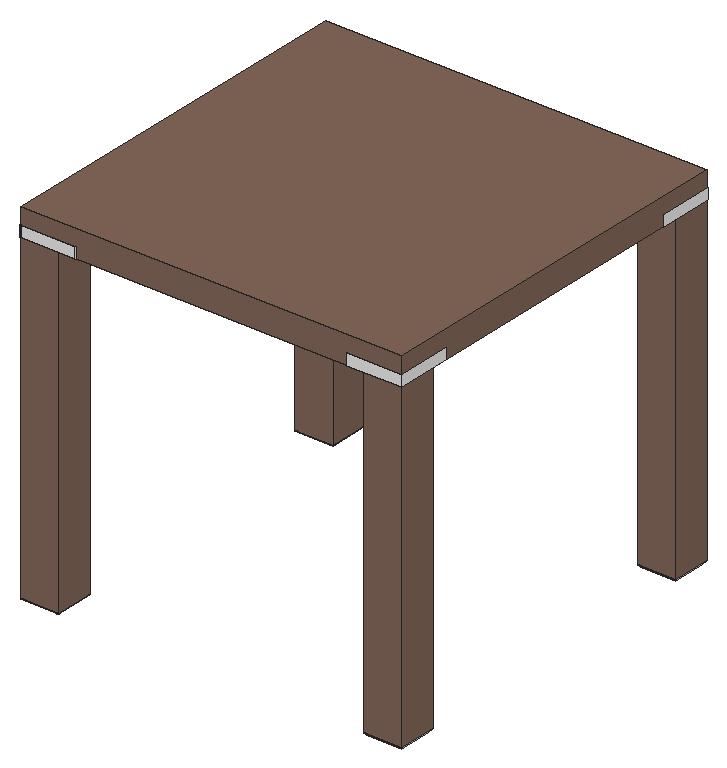
Revit family
Parameters (values of type "700x700x650mm")
  Manufacturer = ""
  Model = ""
  폭 = 700 mm
  상단 면 재료 = 목재 - 사펠리, 폭, 약함
  지지 재료 = 금속 - 크롬(2)
  점 재료 = 금속 - 크롬(2)
  다리 재료 = 목재 - 사펠리, 길이, 약함
  높이 = 650 mm
  깊이 = 700 mm
Types (4, lengths in mm): name | 폭 | 높이 | 깊이
  (no name) | 700 | 650 | 700
  500x500x580mm | 500 | 580 | 500
  700x700x650mm | 700 | 650 | 700
  600x600x600mm | 600 | 600 | 600
Reference planes
  plane 1 "중심(앞/뒤)": y = 0
  plane 2: z = 0
  plane 3 "중심(왼쪽/오른쪽)": x = 0
  plane 4: y = 350
  plane 5: y = -350
  plane 6: x = -350
  plane 7: x = 350
  plane 8: y = 280
  plane 9: y = -280
  plane 10: x = -280
  plane 11: x = 280
  plane 12: z = 650
  plane 13: z = 600
  plane 14: z = 5
  plane 15: z = 620
Forms (mm)
  Extrusion 1, solid, material "목재 - 사펠리, 폭, 약함" <- "상단 면 재료"
    sketch origin (0, 0, 0) x (1, 0, 0) y (0, 1, 0)
      loop
        line (-350, 350) -> (-350, -350) -> (350, -350) -> (350, 350) -> (-350, 350)
    from 600 to 650
  Extrusion 2, solid, material "금속 - 크롬(2)" <- "점 재료"
    sketch origin (0, 0, 0) x (1, 0, 0) y (0, 1, 0)
      loop
        line (-351, 250) -> (-350, 250) -> (-350, 350) -> (-250, 350) -> (-250, 351) -> (-351, 351) -> (-351, 250)
      loop
        line (351, 250) -> (351, 351) -> (250, 351) -> (250, 350) -> (350, 350) -> (350, 250) -> (351, 250)
    from 600 to 620
  Blend 3, solid, material "금속 - 크롬(2)" <- "지지 재료"
    base sketch origin (0, 0, 0) x (1, 0, 0) y (0, 1, 0)
      loop
        line (-345, 345) -> (-345, 285) -> (-285, 285) -> (-285, 345) -> (-345, 345)
    top sketch origin (0, 0, 0) x (1, 0, 0) y (0, 1, 0)
      loop
        line (-350, 350) -> (-350, 280) -> (-280, 280) -> (-280, 350) -> (-350, 350)
    from 0 to 5
  Blend 4, solid, material "금속 - 크롬(2)" <- "지지 재료"
    base sketch origin (0, 0, 0) x (-1, 0, 0) y (0, -1, 0)
      loop
        line (-345, -345) -> (-285, -345) -> (-285, -285) -> (-345, -285) -> (-345, -345)
    top sketch origin (0, 0, 0) x (-1, 0, 0) y (0, -1, 0)
      loop
        line (-350, -350) -> (-280, -350) -> (-280, -280) -> (-350, -280) -> (-350, -350)
    from 0 to 5
  Blend 5, solid, material "금속 - 크롬(2)" <- "지지 재료"
    base sketch origin (0, 0, 0) x (1, 0, 0) y (0, 1, 0)
      loop
        line (-345, -345) -> (-285, -345) -> (-285, -285) -> (-345, -285) -> (-345, -345)
    top sketch origin (0, 0, 0) x (1, 0, 0) y (0, 1, 0)
      loop
        line (-350, -350) -> (-280, -350) -> (-280, -280) -> (-350, -280) -> (-350, -350)
    from 0 to 5
  Blend 6, solid, material "금속 - 크롬(2)" <- "지지 재료"
    base sketch origin (0, 0, 0) x (-1, 0, 0) y (0, -1, 0)
      loop
        line (-345, 345) -> (-345, 285) -> (-285, 285) -> (-285, 345) -> (-345, 345)
    top sketch origin (0, 0, 0) x (-1, 0, 0) y (0, -1, 0)
      loop
        line (-350, 350) -> (-350, 280) -> (-280, 280) -> (-280, 350) -> (-350, 350)
    from 0 to 5
  Extrusion 7, solid, material "금속 - 크롬(2)" <- "점 재료"
    sketch origin (0, 0, 0) x (1, 0, 0) y (0, 1, 0)
      loop
        line (-351, -250) -> (-351, -351) -> (-250, -351) -> (-250, -350) -> (-350, -350) -> (-350, -250) -> (-351, -250)
      loop
        line (351, -250) -> (350, -250) -> (350, -350) -> (250, -350) -> (250, -351) -> (351, -351) -> (351, -250)
    from 600 to 620
  Extrusion 8, solid, material "목재 - 사펠리, 길이, 약함" <- "다리 재료"
    sketch origin (0, 0, 0) x (1, 0, 0) y (0, 0, 1)
      loop
        line (-351, 600) -> (-351, 5) -> (-280, 5) -> (-280, 600) -> (-351, 600)
      loop
        line (280, 600) -> (280, 5) -> (350, 5) -> (350, 600) -> (280, 600)
    from 280 to 350
  Extrusion 9, solid, material "목재 - 사펠리, 길이, 약함" <- "다리 재료"
    sketch origin (0, 0, 0) x (1, 0, 0) y (0, 0, 1)
      loop
        line (-350, 5) -> (-280, 5) -> (-280, 600) -> (-350, 600) -> (-350, 5)
      loop
        line (350, 5) -> (350, 600) -> (280, 600) -> (280, 5) -> (350, 5)
    from -350 to -280
Dimensions and locks
  equal spacing: plane 6, plane 3 "중심(왼쪽/오른쪽)", plane 7
  "폭": plane 6 to plane 7
  equal spacing: plane 5, plane 1 "중심(앞/뒤)", plane 4
  "깊이": plane 5 to plane 4
  "높이": plane 12 to level
  locked: plane 6 to plane 10 at 70
  locked: plane 11 to plane 7 at 70
  locked: plane 8 to plane 4 at 70
  locked: plane 5 to plane 9 at 70
  locked: plane 12 to plane 15 at 30
  locked: plane 15 to plane 13 at 20
  locked: plane 14 to level at 5
  aligned and locked: Extrusion 1 to plane 12
  aligned and locked: plane 13 to Extrusion 1
  aligned and locked: Blend 3 to plane 14
  aligned and locked: Extrusion 2 to Extrusion 1
  aligned and locked: plane 6 to Extrusion 1
  aligned and locked: plane 5 to Extrusion 1
  aligned and locked: plane 14 to Blend 5
  aligned and locked: plane 14 to Blend 6
  aligned and locked: Extrusion 7 to plane 13
  aligned and locked: Extrusion 7 to plane 15
  aligned and locked: Extrusion 2 to plane 13
  aligned and locked: Extrusion 2 to plane 15
  aligned and locked: Extrusion 8 sketch curve to Extrusion 2  (x2)
  aligned and locked: Blend 3 to Extrusion 8 sketch curve
  aligned and locked: Extrusion 8 sketch curve to Blend 3
  aligned and locked: plane 11 to Extrusion 8 sketch curve
  aligned and locked: plane 13 to Extrusion 8 sketch curve
  aligned and locked: Blend 4 to Extrusion 8 sketch curve
  aligned and locked: Extrusion 8 sketch curve to Blend 4
  aligned and locked: plane 5 to Extrusion 8
  aligned and locked: Extrusion 8 to plane 9
  aligned and locked: Blend 3 to Extrusion 9 sketch curve
  aligned and locked: Extrusion 9 sketch curve to Blend 3
  aligned and locked: plane 13 to Extrusion 9 sketch curve  (x2)
  aligned and locked: Extrusion 9 sketch curve to plane 10
  aligned and locked: Extrusion 9 sketch curve to Blend 4  (x2)
  aligned and locked: Extrusion 9 sketch curve to plane 11
  aligned and locked: Extrusion 9 to plane 4
  aligned and locked: plane 8 to Extrusion 9
Automatic sketch dimensions
  Extrusion 1 sketch curve to plane 5 = 0 mm
  Extrusion 1 sketch curve to plane 6 = 0 mm
  Extrusion 1 sketch curve to plane 7 = 0 mm
  Extrusion 1 sketch curve to plane 4 = 0 mm
  Blend 3 sketch curve to plane 6 = 5 mm
  plane 10 to Blend 3 sketch curve = 5 mm
  Blend 3 sketch curve to plane 8 = 5 mm
  plane 4 to Blend 3 sketch curve = 5 mm
  Blend 3 sketch curve to plane 6 = 0 mm
  Blend 3 sketch curve to plane 8 = 0 mm
  Blend 3 sketch curve to plane 10 = 0 mm
  Blend 3 sketch curve to plane 4 = 0 mm
  plane 7 to Blend 4 sketch curve = 5 mm
  Blend 4 sketch curve to plane 11 = 5 mm
  plane 4 to Blend 4 sketch curve = 5 mm
  Blend 4 sketch curve to plane 8 = 5 mm
  Blend 4 sketch curve to plane 7 = 0 mm
  Blend 4 sketch curve to plane 8 = 0 mm
  Blend 4 sketch curve to plane 11 = 0 mm
  Blend 4 sketch curve to plane 4 = 0 mm
  Blend 5 sketch curve to plane 6 = 5 mm
  plane 10 to Blend 5 sketch curve = 5 mm
  Blend 5 sketch curve to plane 5 = 5 mm
  plane 9 to Blend 5 sketch curve = 5 mm
  Blend 5 sketch curve to plane 6 = 0 mm
  Blend 5 sketch curve to plane 9 = 0 mm
  Blend 5 sketch curve to plane 10 = 0 mm
  Blend 5 sketch curve to plane 5 = 0 mm
  plane 7 to Blend 6 sketch curve = 5 mm
  Blend 6 sketch curve to plane 11 = 5 mm
  plane 9 to Blend 6 sketch curve = 5 mm
  Blend 6 sketch curve to plane 5 = 5 mm
  Blend 6 sketch curve to plane 7 = 0 mm
  Blend 6 sketch curve to plane 9 = 0 mm
  Blend 6 sketch curve to plane 11 = 0 mm
  Blend 6 sketch curve to plane 5 = 0 mm
  Extrusion 7 sketch curve to plane 6 = 0 mm
  Extrusion 7 sketch curve to plane 5 = 0 mm  (x2)
  Extrusion 7 sketch curve to plane 7 = 0 mm
  plane 6 to Extrusion 7 sketch curve = 1 mm
  Extrusion 7 sketch curve to plane 10 = 30 mm
  plane 11 to Extrusion 7 sketch curve = 30 mm
  Extrusion 7 sketch curve to Extrusion 7 sketch curve = 1 mm
  plane 5 to Extrusion 7 sketch curve = 1 mm  (x2)
  Extrusion 7 sketch curve to plane 9 = 30 mm  (x2)
  Extrusion 2 sketch curve to plane 6 = 0 mm
  Extrusion 2 sketch curve to plane 4 = 0 mm  (x2)
  Extrusion 2 sketch curve to plane 7 = 0 mm
  Extrusion 2 sketch curve to Extrusion 2 sketch curve = 1 mm
  Extrusion 2 sketch curve to plane 4 = 1 mm  (x2)
  Extrusion 2 sketch curve to plane 10 = 30 mm
  plane 11 to Extrusion 2 sketch curve = 30 mm
  Extrusion 2 sketch curve to plane 7 = 1 mm
  plane 8 to Extrusion 2 sketch curve = 30 mm  (x2)
